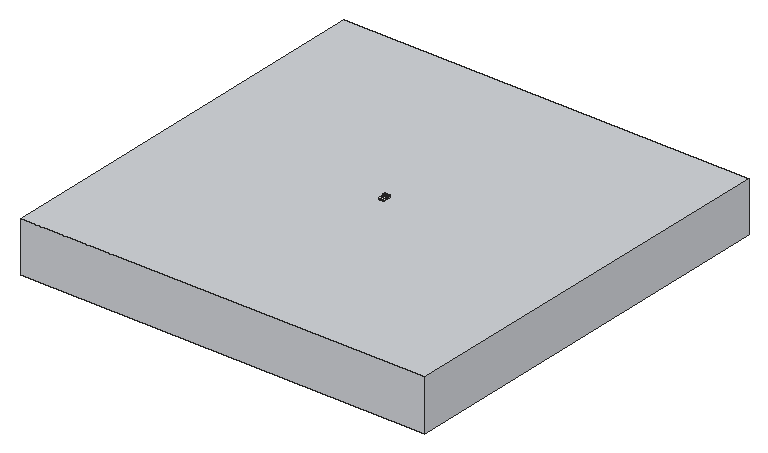
Revit family "Gira_511000", category Elektroinstallationen, Revit 2017
Family settings
  Basisbauteil = Fläche
  Beschriftungsausrichtung beibehalten = Nein
  Bemaßung runder Anschluss = Durchmesser verwenden
  Teiletyp = Normal
  Beim Laden mit Abzugskörper schneiden = Nein
  Gemeinsam genutzt = Nein
  Raumberechnungspunkt = Nein
Parameters
  Default Elevation = 1219.2 mm
  URL = "https://www.gira.de/"
  Typname = "RF/TP Medienkoppler/RF Repeater KNX"
  Produktseite = "http://katalog.gira.de/de_DE/datenblatt.html?artikelnr=511000"
  Hersteller = "Gira"
  HAN = "511000"
  GTIN = "4010337017264"
  Datenblatt = "https://katalog.gira.de/de_DE/download.html?artikelnr=511000"
  Beschreibung = "KNX RF TP Medienkoppler oder RF Repeater  REG plus Mit den KNX RF Systemgeräten werden die KNX RF Tastsensoren und KNX RF Handsender über die ETS in die KNX Struktur eingebunden und parametriert.  Merkmale: - Schnittstelle zwischen verdrahteten KNX Produkten (TP) und KNX RF Funkprodukten. - Über die ETS als Medienkoppler oder Repeater konfigurierbar. - Projektierung, Inbetriebnahme und Parametrierung erfolgen über ETS (Version 5 oder neuer)."
  BIM = "https://media.stage.bim.site/public/gira/876eb45/Kasten.rfa"
  Art des Zubehörs = "sonstige"
Reference planes
  plane 1 "Center (Front/Back)": y = 0
  plane 2: z = 0
  plane 3 "Center (Left/Right)": x = 0
Forms (mm)
  Extrusion 1, solid
    sketch origin (0, 0, 0) x (1, 0, 0) y (0, 1, 0)
      loop
        line (-1219.2, 1219.2) -> (-1219.2, -1219.2) -> (1219.2, -1219.2) -> (1219.2, 1219.2) -> (-1219.2, 1219.2)
    from 0 to -304.8
  Sweep 2, solid, material "White", detail levels fine
    path in 3D
      loop
        line (11.05, -18.3, 0) -> (-11.05, -18.3, 0) -> (-11.05, 18.3, 0) -> (11.05, 18.3, 0) -> (11.05, -18.3, 0)
    profile origin (11.05, 0, 0) x (1, 0, 0) y (0, 0, 1)
      loop
        line (0, 11.5) -> (0, 0)
        arc (0, 0) -> (2.151, 0.831) -> (3.184, 2.892) r 3.201
        line (3.184, 2.892) -> (3.2, 8.3)
        arc (3.2, 8.3) -> (2.257, 10.557) -> (0, 11.5) r 3.222
  Extrusion 3, solid, material "White", detail levels fine
    sketch origin (0, 0, 0) x (1, 0, 0) y (0, 1, 0)
      loop
        line (-11.05, -18.3) -> (11.05, -18.3) -> (11.05, 18.3) -> (-11.05, 18.3) -> (-11.05, -18.3)
      loop
        circle (-6.034, -6) r 2.2
      loop
        line (-7.834, -17.8) -> (-4.234, -17.8) -> (-4.234, -9) -> (-7.834, -9) -> (-7.834, -17.8)
      loop
        circle (-6.034, 2) r 2.2
    from 0 to 11.5
  Extrusion 4, solid, material "White", detail levels fine
    sketch origin (0, 0, 0) x (1, 0, 0) y (0, 1, 0)
      loop
        line (14.25, 6.8) -> (14.25, 21.5) -> (-14.25, 21.5) -> (-14.25, 6.8) -> (14.25, 6.8)
    from 2.892 to 15.2
  Extrusion 5, void, detail levels fine
    sketch origin (0, 0, 0) x (1, 0, 0) y (0, 1, 0)
      loop
        line (-7.531, 20.05) -> (-17.739, 20.05) -> (-17.739, 8.35) -> (-7.624, 8.35) -> (-8.123, 7.45) -> (-4.633, 7.3) -> (-4.996, 8.35) -> (-3.084, 8.35) -> (-3.084, 20.05) -> (-5.131, 20.05) -> (-4.66, 19.2) -> (-8.042, 19.2) -> (-7.531, 20.05)
    from 5.521 to 15.2
  Extrusion 6, solid, material "White", detail levels fine
    sketch origin (0, 0, 0) x (1, 0, 0) y (0, 1, 0)
      loop
        circle (-6.734, 17.4) r 0.65
      loop
        circle (-6.734, 11.6) r 0.65
    from 5.521 to 13.3
  Extrusion 7, solid, material "White", detail levels medium
    sketch origin (0, 0, 0) x (1, 0, 0) y (0, 1, 0)
      loop
        line (-14.25, -21.5) -> (14.25, -21.5) -> (14.25, 21.5) -> (-14.25, 21.5) -> (-14.25, -21.5)
    from 0 to 11.5
  Extrusion 8, solid, material "White", detail levels medium
    sketch origin (0, 0, 0) x (1, 0, 0) y (0, 1, 0)
      loop
        line (14.25, 6.8) -> (14.25, 21.5) -> (-14.25, 21.5) -> (-14.25, 6.8) -> (14.25, 6.8)
    from 2.892 to 15.2
  Extrusion 9, solid, material "White", detail levels coarse
    sketch origin (0, 0, 0) x (1, 0, 0) y (0, 1, 0)
      loop
        line (-14.25, 21.5) -> (-14.25, -21.5) -> (14.25, -21.5) -> (14.25, 21.5) -> (-14.25, 21.5)
    from 0 to 15.2
Cuts and joins
  Extrusion 5 cuts Extrusion 3
  Extrusion 5 cuts Extrusion 4
  Extrusion 5 cuts Sweep 2
Lines and regions (mm)
  model lines
    curve 1: line (-11.05, -18.3, 0) -> (-11.05, 18.3, 0)
    curve 2: line (-11.05, 18.3, 0) -> (11.05, 18.3, 0)
    curve 3: line (11.05, 18.3, 0) -> (11.05, -18.3, 0)
    curve 4: line (11.05, -18.3, 0) -> (-11.05, -18.3, 0)
  sketch lines
    curve 5: line (11.05, 18.3, 0) -> (11.05, -18.3, 0)
    curve 6: line (-11.05, 18.3, 0) -> (11.05, 18.3, 0)
    curve 7: line (-11.05, -18.3, 0) -> (-11.05, 18.3, 0)
    curve 8: line (11.05, -18.3, 0) -> (-11.05, -18.3, 0)
Dimensions and locks
  aligned and locked: plane 2 to Extrusion 1
  aligned and locked: level to Extrusion 1
